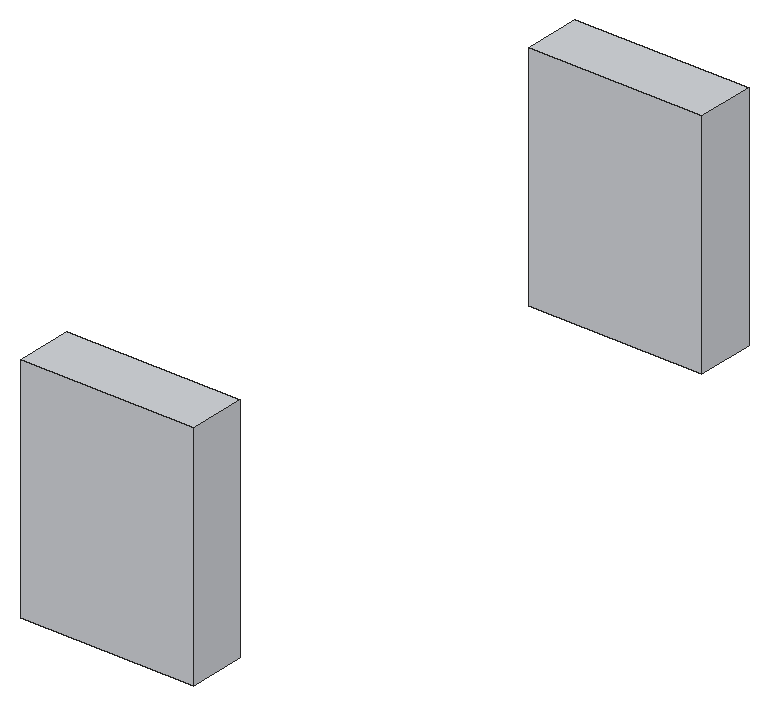
Revit family "d04ecef78b0f42bc8ecd108a5e5c491b", category Cable Tray Fittings, Revit 2021
Family settings
  Round Connector Dimension = Use Diameter
  Part Type = Ladder Union
  OmniClass Number = 23.80.30.17.17
  OmniClass Title = Cable Trays and Horizontal Racks
  Seek Item ID = Ladder Union-0000-USA-ENU
  Work Plane-Based = No
  Always vertical = Yes
  Cut with Voids When Loaded = No
  Shared = No
Parameters (values of type "Standard")
  Tray Width [instance] = 12"
  built-in parameter 1140111 [instance] = 0.083333 (stored number, unit not read)
  built-in parameter 1140113 [instance] = 0.083333 (stored number, unit not read)
  built-in parameter 1140112 [instance] = 0.75 (stored number, unit not read)
  built-in parameter 1140114 [instance] = 0.083333 (stored number, unit not read)
  Tray Length [instance] = 3"
  Tray Height [instance] = 4"
  Default Elevation = 0' - 0"
  Bend Radius [instance] = 12"
Reference planes (in)
  plane 1 "Center (Front/Back)": y = 0
  plane 2: z = 0
  plane 3 "Center (Left/Right)": x = 0
  plane 4: x = 3
Forms (in)
  Sweep 1, solid, detail levels fine
    path in 3D
      loop
        line (0, 0, 0) -> (3, 0, 0)
    profile "Cable Tray - Ladder 1 : Ladder" origin (1.5, 0, 0) x (0, 1, 0) y (0, 0, 1)
      loop
        line (5, 2) -> (5, -2) -> (6, -2) -> (6, 2) -> (5, 2)
      loop
        line (-6, 2) -> (-6, -2) -> (-5, -2) -> (-5, 2) -> (-6, 2)
  Sweep 2, solid, detail levels medium
    path in 3D
      loop
        line (0, 0, 0) -> (3, 0, 0)
    profile "Cable Tray - Ladder 2 : Ladder" origin (1.5, 0, 0) x (0, 1, 0) y (0, 0, 1)
      loop
        line (-6, 2) -> (-6, -2) -> (6, -2) -> (6, 2) -> (-6, 2)
Lines and regions (in)
  reference lines
    curve 1: line (0, 0, 0) -> (3, 0, 0)
  sketch lines
    curve 2: line (0, 0, 0) -> (3, 0, 0)
    curve 4: line (0, 0, 0) -> (3, 0, 0)
  model lines, detail levels coarse
    curve 3: line (0, 0, 0) -> (3, 0, 0)
Dimensions and locks (in)
  "Tray Length": plane 3 "Center (Left/Right)" to plane 4
  aligned and locked: plane 4 to curve 1
  aligned and locked: plane 3 "Center (Left/Right)" to curve 1
  aligned and locked: plane 1 "Center (Front/Back)" to curve 1
  aligned and locked: plane 3 "Center (Left/Right)" to curve 3
  aligned and locked: plane 4 to curve 3
  aligned and locked: plane 1 "Center (Front/Back)" to curve 3
Connectors (in)
  cabletrayconduit at (0, 0, 0), diameter 24, driven by "Tray Height", driven by "Tray Width"
    settings: on Sweep 2, index 1, connector width 1' - 0", connector height 0' - 4", connector angle 0.00°, system type 32, placement type 0, profile type 1, connector reference index 2, is primary connector yes, connector utility param no, connector description ""
  cabletrayconduit at (3, 0, 0), diameter 24, driven by "Tray Height", driven by "Tray Width"
    settings: on Sweep 2, index 2, connector width 1' - 0", connector height 0' - 4", connector angle 0.00°, system type 32, placement type 0, profile type 1, connector reference index 1, is primary connector no, connector utility param no, connector description ""
